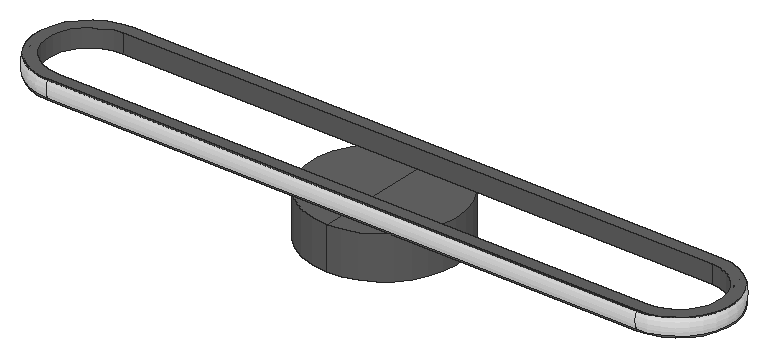
Revit family "AFX-Sienna-LED_Vanity", category Lighting Fixtures, host Face, Revit 2021
Family settings
  Host = Face
  Round Connector Dimension = Use Diameter
  Part Type = Normal
  Cut with Voids When Loaded = No
  Light Source = Yes
  Shared = No
  Room Calculation Point = No
Parameters (values of type "SIEV2305LAJD1BK")
  Wattage Comments = "19"
  Wattage = 9.2903 W
  built-in parameter 1150110 = 1 (stored number, unit not read)
  Voltage = 120 V
  URL = "https://www.afxinc.com/"
  Type Comments = "Sienna"  # constant formula
  built-in parameter 1114217 = 1 (stored number, unit not read)
  Tilt Angle = -90.00°
  built-in parameter 1150109 = 1 (stored number, unit not read)
  built-in parameter 1150134 = 3
  built-in parameter 1150113 = 1 (stored number, unit not read)
  Revit Model Built By = ""
  Product Documentation Link = "https://www.afxinc.com/products/productDetail.cfm?productID=2676"
  Power Factor = 1
  Photometric Web File = "SIEV2305LAJD1XX LR37496-W1M.IES"
  Model = "SIEV2305LAJD1BK"
  Manufacturer = "AFX Inc"  # constant formula
  built-in parameter 1150105 = 109.82 (stored number, unit not read)
  Lumens = 1380 lm
  built-in parameter 1150115 = 1 (stored number, unit not read)
  built-in parameter 1150137 = (empty or 0)
  built-in parameter 1150139 = (empty or 0)
  Length = 22 3/4"
  built-in parameter 1150112 = 1 (stored number, unit not read)
  built-in parameter 1150114 = 1 (stored number, unit not read)
  Lamp = "LED"
  Keynote = "12500"
  built-in parameter 1150132 = (empty or 0)
  built-in parameter 1150102 = (empty or 0)
  built-in parameter 1150107 = 3200 (stored number, unit not read)
  built-in parameter 1150138 = (empty or 0)
  built-in parameter 1150106 = 1.0982 (stored number, unit not read)
  Height = 4 3/4"
  Emit from Rectangle Width = 24"
  Emit from Rectangle Length = 48"
  Emit Shape Visible in Rendering = no
  built-in parameter 1150104 = 13.8 (stored number, unit not read)
  Dimming Lamp Color Temperature Shift = <None>
  Diffuser Finish = AFX - White Acrylic
  Description = "LED Vanity - 22 3/4\"L x 2\"D x 4 3/4\"H"
  Depth = 1 31/32"
  Default Elevation = 48"
  Frame Finish = AFX - Black Steel
  Colour Rendering Index = "90"
  Color Filter = 16777215
  Canopy Finish = AFX - Black Steel
  built-in parameter 1114218 = 1 (stored number, unit not read)
  built-in parameter 1150133 = 10 (stored number, unit not read)
  Assembly Code = "D5020200"
  Apparent Load = 0 VA
Types (3): name | Wattage Comments | Product Documentation Link | Photometric Web File | Model | Length | Description
  (no name) | "19" | "https://www.afxinc.com/products/productDetail.cfm?productID=2676" | "SIEV2305LAJD1XX LR37496-W1M.IES" | "SIEV2305LAJD1BK" | 22 3/4" | "LED Vanity - 22 3/4\"L x 2\"D x 4 3/4\"H"
  SIEV3405LAJD1BK | "26" | "https://www.afxinc.com/products/productDetail.cfm?productID=2679" | "SIEV3405LAJD1XX LR37496-W1L.IES" | "SIEV3405LAJD1BK" | 34 1/2" | "LED Vanity - 34 1/2\"L x 2\"D x 4 3/4\"H"
  SIEV2305LAJD1BK | "19" | "https://www.afxinc.com/products/productDetail.cfm?productID=2676" | "SIEV2305LAJD1XX LR37496-W1M.IES" | "SIEV2305LAJD1BK" | 22 3/4" | "LED Vanity - 22 3/4\"L x 2\"D x 4 3/4\"H"
Reference planes (in)
  plane 1 "Center (Front/Back)": y = 0
  plane 2: z = 0
  plane 3 "Center (Left/Right)": x = 0
  plane 4: z = 1.37795
  plane 5: z = 1.9685
  plane 6: x = -11.375
  plane 7: x = 11.375
  plane 8: x = -2.3622
  plane 9: x = 2.3622
  plane 10: y = -2.3622
  plane 11: y = 2.3622
Forms (in)
  Revolve 1, solid, material "AFX - Black Steel" <- "Canopy Finish"
    sketch origin (0, 0, 0) x (0, 1, 0) y (0, 0, 1)
      loop
        line (-2.3622, 0) -> (0, 0) -> (0, 1.37795) -> (-2.3622, 1.37795) -> (-2.3622, 0)
      axis (0, 1.37795) -> (0, 0)
    angle from 0 to 360
  Sweep 2, solid, material "AFX - Black Steel" <- "Frame Finish"
    path origin (0, 0, -20.71621) x (0, 1, 0) y (-1, 0, 0)
      loop
        arc (-1.72976, -9.59772) -> (0, -11.32748) -> (1.72976, -9.59772) r 1.72976
        line (1.72976, -9.59772) -> (1.72976, 9.59772)
        arc (1.72976, 9.59772) -> (0, 11.32748) -> (-1.72976, 9.59772) r 1.72976
        line (-1.72976, 9.59772) -> (-1.72976, -9.59772)
    profile origin (0, -1.72976, -20.71621) x (0, -1, 0) y (0, 0, 1)
      loop
        line (0, 22.68471) -> (-0.3937, 22.68471) -> (-0.3937, 22.09416) -> (0, 22.09416)
        arc (0, 22.09416) -> (-0.01728, 22.1474) -> (-0.05589, 22.18791) r 0.12612
        line (-0.05589, 22.18791) -> (-0.31496, 22.18791) -> (-0.31496, 22.59096) -> (-0.05589, 22.59096)
        arc (-0.05589, 22.59096) -> (-0.01728, 22.63148) -> (0, 22.68471) r 0.12612
  Sweep 3, solid, material "AFX - White Acrylic" <- "Diffuser Finish"
    path origin (0, 0, 0) x (0, 1, 0) y (-1, 0, 0)
      loop
        arc (-1.72976, -9.59772) -> (0, -11.32748) -> (1.72976, -9.59772) r 1.72976
        line (1.72976, -9.59772) -> (1.72976, 9.59772)
        arc (1.72976, 9.59772) -> (0, 11.32748) -> (-1.72976, 9.59772) r 1.72976
        line (-1.72976, 9.59772) -> (-1.72976, -9.59772)
    profile origin (0, -1.72976, 0) x (0, -1, 0) y (0, 0, 1)
      loop
        arc (-0.00189, 1.9554) -> (-0.02084, 1.90968) -> (-0.05589, 1.87475) r 0.12629
        line (-0.05589, 1.87475) -> (-0.11839, 1.87475)
        arc (-0.11839, 1.87475) -> (-0.07399, 1.67323) -> (-0.11839, 1.4717) r 0.47955
        line (-0.11839, 1.4717) -> (-0.05589, 1.4717)
        arc (-0.05589, 1.4717) -> (-0.02084, 1.43678) -> (-0.00189, 1.39106) r 0.12629
        arc (-0.00189, 1.39106) -> (0.0432, 1.67323) -> (-0.00189, 1.9554) r 0.90538
Lines and regions (in)
  symbolic lines
    curve 1: arc (11.32748, 0, 1.9685) -> (11.37512, 0, 1.67323) -> (11.32748, 0, 1.37795) r 0.9388
    curve 2: arc (-11.32748, 0, 1.9685) -> (-11.37512, 0, 1.67323) -> (-11.32748, 0, 1.37795) r 0.9388
    curve 3: line (11.32748, 0, 1.9685) -> (-11.32748, 0, 1.9685)
    curve 4: line (11.32748, 0, 1.37795) -> (-11.32748, 0, 1.37795)
    curve 5: line (2.3622, 0, 1.37795) -> (2.3622, 0, 0)
    curve 6: line (-2.3622, 0, 1.37795) -> (-2.3622, 0, 0)
Dimensions and locks (in)
  "Length": plane 7 to plane 6
  locked: Sweep 2 sketch curve to plane 7 at 1.77728
  locked: Sweep 2 sketch curve to plane 6 at 1.77728
  locked: Sweep 3 sketch curve to plane 7 at 1.77728
  locked: Sweep 3 sketch curve to plane 6 at 1.77728
  locked: plane 5 to plane 4 at 0.59055
  locked: plane 5 to plane 2 at 1.9685
  locked: imposter light to plane 4 at 2.75
  equal spacing: plane 6, plane 3 "Center (Left/Right)", plane 7
  equal spacing: plane 8, plane 3 "Center (Left/Right)", plane 9
  locked: curve 1 to plane 7 at 0.93868
  locked: curve 2 to plane 6 at 0.93868
  aligned and locked: plane 2 to host face
  aligned and locked: plane 1 "Center (Front/Back)" to Revolve 1 sketch curve
  aligned and locked: Revolve 1 sketch curve to plane 4
  aligned and locked: plane 1 "Center (Front/Back)" to Sweep 3 sketch curve
  aligned and locked: curve 3 to Sweep 2
  aligned and locked: curve 4 to Sweep 2
Automatic sketch dimensions
  host sketch curve to host sketch curve = 96"  (x2)
  plane 1 "Center (Front/Back)" to Sweep 2 sketch curve = 0"
  Sweep 2 sketch curve to plane 10 = 0.63245"
  Sweep 2 sketch curve to profile plane = 0"  (x2)
  profile plane to Sweep 2 sketch curve = 0.05589"  (x2)
  profile plane to Sweep 2 sketch curve = 0.12561"  (x2)
  Sweep 2 sketch curve to Sweep 2 sketch curve = 0.18936"
  Sweep 2 sketch curve to Sweep 2 sketch curve = 0.07874"
  profile plane to Sweep 2 sketch curve = 22.08281"
  Sweep 2 sketch curve to Sweep 2 sketch curve = 0.01135"
  Sweep 2 sketch curve to Sweep 2 sketch curve = 0.40305"
  Sweep 2 sketch curve to Sweep 2 sketch curve = 3/32"
  Sweep 3 sketch curve to plane 10 = 0.63245"
  profile plane to Sweep 3 sketch curve = 0.86218"
  Sweep 3 sketch curve to Sweep 3 sketch curve = 0.30864"
  profile plane to Sweep 3 sketch curve = 0.12577"  (x2)
  Sweep 3 sketch curve to Sweep 3 sketch curve = 0.00738"  (x2)
  profile plane to Sweep 3 sketch curve = 0.05589"  (x2)
  level to Sweep 3 sketch curve = 1.3665"
  Sweep 3 sketch curve to Sweep 3 sketch curve = 0.1052"  (x2)
  Sweep 3 sketch curve to Sweep 3 sketch curve = 0.20153"
  Sweep 3 sketch curve to Sweep 3 sketch curve = 0"
  profile plane to Sweep 3 sketch curve = 0.00189"
  plane 8 to curve 6 = 0"
  curve 5 to level = 0"
  plane 9 to curve 5 = 0"
  curve 6 to level = 0"
  plane 6 to curve 3 = 0.04752"
  plane 6 to curve 4 = 0.04752"
  plane 7 to curve 4 = 0.04752"
  plane 7 to curve 3 = 0.04752"
  Revolve 1 sketch curve to plane 10 = 0"
  Revolve 1 sketch curve to plane 1 "Center (Front/Back)" = 0"
  Revolve 1 sketch curve to level = 0"
  Revolve 1 sketch curve to Revolve 1 sketch curve = 3.2815"
  plane 5 to Revolve 1 sketch curve = 3 1/2"
Connectors (in)
  electrical at (0, 0, 0), driven by "Voltage", driven by "Apparent Load", driven by "Power Factor"
    settings: on Revolve 1, index 1, voltage 120 V, apparent load 0 VA, apparent load phase1 0 VA, apparent load phase2 0 VA, apparent load phase3 0 VA, power factor 1, load classification "Lighting", number of poles 1, system type 31, power factor state 1, is connector primary yes, connector utility no, sub classification motor no, connector description ""
